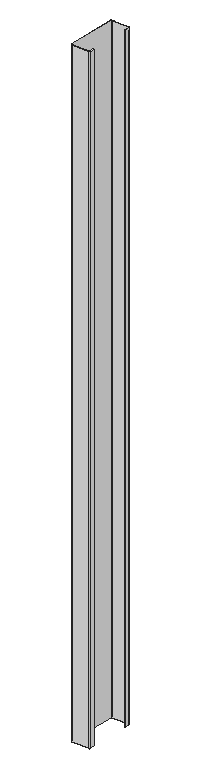
Revit family "Manômetro de luz - Guias da forração com aresta - Coluna", category Pilares estruturais, Revit 2019
Family settings
  Forma do corte = Não definido
  Material para o comportamento do modelo = Aço
  Exportar sempre como geometria = Não
  Redução da viga na planta = Da caixa de vinculação
  Corte com vazios quando carregada = Não
  Representação simbólica = Das configurações de projeto
  Compartilhado = Não
  Exibir o pré-corte da família na vista da planta = Sim
Parameters (values of type "U200x75x20x1.90")
  ey = 21.9 mm
  t = 1.9 mm
  r = R - t  # 1.9 mm
  W = 0.0056
  Structural Material [instance] = Aço leve galvaniado
  D = 200 mm
  Type Comments = ""
  R = 2 * t  # 3.8 mm
  d = 20 mm
  B = 75 mm
  Código de montagem = "B10"
  A = 713.00 mm²
Reference planes
  plane 1 "Centro (Frente/Trás)": y = 0
  plane 2: z = 0
  plane 3 "Centro (Esquerda/Direita)": x = 0
  plane 4: x = -21.9
  plane 5: y = -100
  plane 6: x = -20
  plane 7: y = -98.1
  plane 8: x = 53.1
  plane 9: y = 100
  plane 10: y = 98.1
  plane 11: y = 80
  plane 12: y = -80
  plane 13: x = 51.2
Forms (mm)
  Extrusion 1, solid, material "Aço leve galvaniado" <- "Structural Material", detail levels medium
    sketch origin (0, 0, 0) x (1, 0, 0) y (0, 1, 0)
      loop
        line (-21.9, 100) -> (-21.9, -100) -> (53.1, -100) -> (53.1, -80) -> (51.2, -80) -> (51.2, -98.1) -> (-20, -98.1) -> (-20, 98.1) -> (51.2, 98.1) -> (51.2, 80) -> (53.1, 80) -> (53.1, 100) -> (-21.9, 100)
    from 0 to 2500
  Extrusion 2, solid, material "Aço leve galvaniado" <- "Structural Material", detail levels fine
    sketch origin (0, 0, 0) x (1, 0, 0) y (0, 1, 0)
      loop
        arc (-18.1, 100) -> (-20.787, 98.887) -> (-21.9, 96.2) r 3.8
        line (-21.9, 96.2) -> (-21.9, -96.2)
        arc (-21.9, -96.2) -> (-20.787, -98.887) -> (-18.1, -100) r 3.8
        line (-18.1, -100) -> (49.3, -100)
        arc (49.3, -100) -> (51.987, -98.887) -> (53.1, -96.2) r 3.8
        line (53.1, -96.2) -> (53.1, -80) -> (51.2, -80) -> (51.2, -96.2)
        arc (51.2, -96.2) -> (50.644, -97.544) -> (49.3, -98.1) r 1.9
        line (49.3, -98.1) -> (-18.1, -98.1)
        arc (-18.1, -98.1) -> (-19.444, -97.544) -> (-20, -96.2) r 1.9
        line (-20, -96.2) -> (-20, 96.2)
        arc (-20, 96.2) -> (-19.444, 97.544) -> (-18.1, 98.1) r 1.9
        line (-18.1, 98.1) -> (49.3, 98.1)
        arc (49.3, 98.1) -> (50.644, 97.544) -> (51.2, 96.2) r 1.9
        line (51.2, 96.2) -> (51.2, 80) -> (53.1, 80) -> (53.1, 96.2)
        arc (53.1, 96.2) -> (51.987, 98.887) -> (49.3, 100) r 3.8
        line (49.3, 100) -> (-18.1, 100)
    from 0 to 2500
Lines and regions (mm)
  symbolic lines, style "Faces ocultas", detail levels medium+fine
    curve 1: line (-20, -14.287, 2500) -> (-20, -14.287, 0)
    curve 2: line (0, -98.1, 2500) -> (0, -98.1, 0)
    curve 8: line (0, 98.1, 2500) -> (0, 98.1, 0)
    curve 9: line (0, 80, 0) -> (0, 80, 2500)
    curve 10: line (0, -80, 2500) -> (0, -80, 0)
    curve 11: line (51.2, 0, 2500) -> (51.2, 0, 0)
  symbolic lines, style "StructuralColumnStickSymbols", detail levels coarse
    curve 3: line (-21.9, 100, 0) -> (-21.9, -100, 0)
    curve 4: line (-21.9, -100, 0) -> (53.1, -100, 0)
    curve 5: line (-21.9, 100, 0) -> (53.1, 100, 0)
    curve 6: line (53.1, -100, 0) -> (53.1, -80, 0)
    curve 7: line (53.1, 80, 0) -> (53.1, 100, 0)
Dimensions and locks
  "ey": plane 4 to plane 3 "Centro (Esquerda/Direita)"
  "t": plane 7 to plane 5
  equal spacing: plane 9, plane 1 "Centro (Frente/Trás)", plane 5
  "D": plane 9 to plane 5
  "B": plane 4 to plane 8
  "t": plane 9 to plane 10
  "t": plane 4 to plane 6
  "d": plane 12 to plane 5
  "d": plane 9 to plane 11
  "t": plane 13 to plane 8
  "r": radius of Extrusion 2 sketch curve  (x4)
  "R": radius of Extrusion 2 sketch curve  (x4)
  aligned and locked: level to plane 2
  aligned and locked: level to curve 1
  aligned and locked: plane 7 to curve 2
  aligned and locked: level to curve 2
  aligned and locked: plane 2 to curve 2
  aligned and locked: curve 1 to plane 6
  aligned and locked: plane 2 to curve 1
  aligned and locked: curve 4 to plane 5
  aligned and locked: curve 3 to plane 4
  aligned and locked: curve 5 to plane 9
  aligned and locked: plane 8 to curve 5
  aligned and locked: plane 8 to curve 7
  aligned and locked: plane 8 to curve 6
  aligned and locked: curve 7 to plane 11
  aligned and locked: curve 6 to plane 12
  aligned and locked: Extrusion 1 sketch curve to plane 9
  aligned and locked: Extrusion 1 sketch curve to plane 8  (x2)
  aligned and locked: Extrusion 1 sketch curve to plane 11
  aligned and locked: plane 13 to Extrusion 1 sketch curve
  aligned and locked: Extrusion 1 sketch curve to plane 10
  aligned and locked: Extrusion 1 sketch curve to plane 6
  aligned and locked: plane 4 to Extrusion 1 sketch curve
  aligned and locked: Extrusion 1 sketch curve to plane 7
  aligned and locked: plane 5 to Extrusion 1 sketch curve
  aligned and locked: Extrusion 1 sketch curve to plane 13
  aligned and locked: plane 12 to Extrusion 1 sketch curve
  aligned and locked: Extrusion 1 to plane 2
  aligned and locked: level to Extrusion 1
  aligned and locked: plane 2 to curve 8
  aligned and locked: plane 2 to curve 9
  aligned and locked: plane 2 to curve 10
  aligned and locked: plane 10 to curve 8
  aligned and locked: curve 9 to plane 11
  aligned and locked: plane 12 to curve 10
  aligned and locked: level to curve 8
  aligned and locked: level to curve 9
  aligned and locked: level to curve 10
  aligned and locked: Extrusion 2 sketch curve to plane 9
  aligned and locked: plane 4 to Extrusion 2 sketch curve
  aligned and locked: plane 5 to Extrusion 2 sketch curve
  aligned and locked: Extrusion 2 sketch curve to plane 8  (x2)
  aligned and locked: Extrusion 2 sketch curve to plane 11
  aligned and locked: plane 13 to Extrusion 2 sketch curve
  aligned and locked: Extrusion 2 sketch curve to plane 13
  aligned and locked: Extrusion 2 sketch curve to plane 7
  aligned and locked: Extrusion 2 sketch curve to plane 6
  aligned and locked: plane 10 to Extrusion 2 sketch curve
  aligned and locked: level to Extrusion 2
  aligned and locked: Extrusion 2 to plane 2
  aligned and locked: plane 2 to curve 11
  aligned and locked: plane 13 to curve 11
  aligned and locked: level to curve 11
Automatic sketch dimensions
  Extrusion 2 sketch curve to plane 12 = 0 mm
Types in the file's own list only (61): name | ey | t | r | W | D | R | d | B | A
  U50x25x10x1.52 | 9 mm | 2 mm | 2 mm | 0.00129 | 50 mm | 3 mm | 10 mm | 25 mm | 164.00 mm²
  U50x25x101.90 | 9 mm | 2 mm | 2 mm | 0.00157 | 50 mm | 4 mm | 10 mm | 25 mm | 200.00 mm²
  U50x25x102.28 | 9 mm | 2 mm | 2 mm | 0.00183 | 50 mm | 5 mm | 10 mm | 25 mm | 233.00 mm²
  U50x25x102.66 | 9 mm | 3 mm | 3 mm | 0.00207 | 50 mm | 5 mm | 10 mm | 25 mm | 264.00 mm²
  U50x25x103.04 | 9 mm | 3 mm | 3 mm | 0.0023 | 50 mm | 6 mm | 10 mm | 25 mm | 292.00 mm²
  U75x40x15x1.52 | 15 mm | 2 mm | 2 mm | 0.00207 | 75 mm | 3 mm | 15 mm | 40 mm | 263.00 mm²
  U75x40x15x1.90 | 15 mm | 2 mm | 2 mm | 0.00254 | 75 mm | 4 mm | 15 mm | 40 mm | 323.00 mm²
  U75x40x15x2.28 | 15 mm | 2 mm | 2 mm | 0.00299 | 75 mm | 5 mm | 15 mm | 40 mm | 381.00 mm²
  U75x40x15x2.66 | 15 mm | 3 mm | 3 mm | 0.00343 | 75 mm | 5 mm | 15 mm | 40 mm | 437.00 mm²
  U75x40x15x3.04 | 15 mm | 3 mm | 3 mm | 0.00385 | 75 mm | 6 mm | 15 mm | 40 mm | 490.00 mm²
  U100x50x17x1.52 | 18 mm | 2 mm | 2 mm | 0.00265 | 100 mm | 3 mm | 17 mm | 50 mm | 338.00 mm²
  U100x50x17x1.90 | 18 mm | 2 mm | 2 mm | 0.00327 | 100 mm | 4 mm | 17 mm | 50 mm | 416.00 mm²
  U100x50x17x2.28 | 18 mm | 2 mm | 2 mm | 0.00387 | 100 mm | 5 mm | 17 mm | 50 mm | 493.00 mm²
  U100x50x17x2.66 | 18 mm | 3 mm | 3 mm | 0.00445 | 100 mm | 5 mm | 17 mm | 50 mm | 567.00 mm²
  U100x50x17x3.04 | 18 mm | 3 mm | 3 mm | 0.00502 | 100 mm | 6 mm | 17 mm | 50 mm | 639.00 mm²
  U100x50x17x3.42 | 18 mm | 3 mm | 3 mm | 0.00556 | 100 mm | 7 mm | 17 mm | 50 mm | 709.00 mm²
  U100x55x20x3.00 | 27 mm | 3 mm | 3 mm | 0.00533 | 100 mm | 6 mm | 20 mm | 55 mm | 680.00 mm²
  U100x60x25x5.00 | 29 mm | 5 mm | 5 mm | 0.00906 | 100 mm | 10 mm | 25 mm | 60 mm | 1154.00 mm²
  U100x70x15x3.00 | 32 mm | 3 mm | 3 mm | 0.00581 | 100 mm | 6 mm | 15 mm | 70 mm | 740.00 mm²
  U127x50x17x1.52 | 16 mm | 2 mm | 2 mm | 0.00297 | 127 mm | 3 mm | 17 mm | 50 mm | 379.00 mm²
  U127x50x17x1.90 | 16 mm | 2 mm | 2 mm | 0.00367 | 127 mm | 4 mm | 17 mm | 50 mm | 468.00 mm²
  U127x50x17x2.28 | 16 mm | 2 mm | 2 mm | 0.00435 | 127 mm | 5 mm | 17 mm | 50 mm | 554.00 mm²
  U127x50x17x2.66 | 16 mm | 3 mm | 3 mm | 0.00501 | 127 mm | 5 mm | 17 mm | 50 mm | 639.00 mm²
  U127x50x17x3.04 | 16 mm | 3 mm | 3 mm | 0.00566 | 127 mm | 6 mm | 17 mm | 50 mm | 721.00 mm²
  U127x50x17x3.42 | 16 mm | 3 mm | 3 mm | 0.00629 | 127 mm | 7 mm | 17 mm | 50 mm | 801.00 mm²
  U150x40x10x2.00 | 14 mm | 2 mm | 2 mm | 0.00368 | 150 mm | 4 mm | 10 mm | 40 mm | 469.00 mm²
  U150x60x20x1.52 | 19 mm | 2 mm | 2 mm | 0.00356 | 150 mm | 3 mm | 20 mm | 60 mm | 453.00 mm²
  U150x60x20x1.90 | 19 mm | 2 mm | 2 mm | 0.0044 | 150 mm | 4 mm | 20 mm | 60 mm | 561.00 mm²
  U150x60x20x2.28 | 19 mm | 2 mm | 2 mm | 0.00523 | 150 mm | 5 mm | 20 mm | 60 mm | 666.00 mm²
  U150x60x20x2.66 | 19 mm | 3 mm | 3 mm | 0.00604 | 150 mm | 5 mm | 20 mm | 60 mm | 769.00 mm²
  U150x60x20x3.04 | 19 mm | 3 mm | 3 mm | 0.00683 | 150 mm | 6 mm | 20 mm | 60 mm | 870.00 mm²
  U150x60x20x3.42 | 19 mm | 3 mm | 3 mm | 0.0076 | 150 mm | 7 mm | 20 mm | 60 mm | 969.00 mm²
  U150x60x20x3.80 | 19 mm | 4 mm | 4 mm | 0.00836 | 150 mm | 8 mm | 20 mm | 60 mm | 1065.00 mm²
  U150x60x20x4.18 | 19 mm | 4 mm | 4 mm | 0.0091 | 150 mm | 8 mm | 20 mm | 60 mm | 1159.00 mm²
  U150x60x20x4.76 | 19 mm | 5 mm | 5 mm | 0.01019 | 150 mm | 10 mm | 20 mm | 60 mm | 1298.00 mm²
  U180x40x10x2.00 | 13 mm | 2 mm | 2 mm | 0.00415 | 180 mm | 4 mm | 10 mm | 40 mm | 529.00 mm²
  U180x40x15x3.00 | 14 mm | 3 mm | 3 mm | 0.00628 | 180 mm | 6 mm | 15 mm | 40 mm | 800.00 mm²
  U180x40x20x4.00 | 14 mm | 4 mm | 4 mm | 0.00844 | 180 mm | 8 mm | 20 mm | 40 mm | 1075.00 mm²
  U200x75x20x2.28 | 22 mm | 2 mm | 2 mm | 0.00666 | 200 mm | 5 mm | 20 mm | 75 mm | 848.00 mm²
  U200x75x25x2.66 | 23 mm | 3 mm | 3 mm | 0.00792 | 200 mm | 5 mm | 25 mm | 75 mm | 1008.00 mm²
  U200x75x25x3.04 | 23 mm | 3 mm | 3 mm | 0.00898 | 200 mm | 6 mm | 25 mm | 75 mm | 1144.00 mm²
  U200x75x25x3.42 | 23 mm | 3 mm | 3 mm | 0.01002 | 200 mm | 7 mm | 25 mm | 75 mm | 1276.00 mm²
  U200x75x25x3.80 | 23 mm | 4 mm | 4 mm | 0.01104 | 200 mm | 8 mm | 25 mm | 75 mm | 1407.00 mm²
  U200x75x25x4.18 | 23 mm | 4 mm | 4 mm | 0.01205 | 200 mm | 8 mm | 25 mm | 75 mm | 1535.00 mm²
  U200x75x25x4.76 | 23 mm | 5 mm | 5 mm | 0.01355 | 200 mm | 10 mm | 25 mm | 75 mm | 1726.00 mm²
  U250x85x25x1.90 | 24 mm | 2 mm | 2 mm | 0.00679 | 250 mm | 4 mm | 25 mm | 85 mm | 865.00 mm²
  U250x85x25x2.28 | 24 mm | 2 mm | 2 mm | 0.00809 | 250 mm | 5 mm | 25 mm | 85 mm | 1031.00 mm²
  U250x85x25x2.66 | 24 mm | 3 mm | 3 mm | 0.00938 | 250 mm | 5 mm | 25 mm | 85 mm | 1195.00 mm²
  U250x85x25x3.04 | 24 mm | 3 mm | 3 mm | 0.01065 | 250 mm | 6 mm | 25 mm | 85 mm | 1356.00 mm²
  U250x85x25x3.42 | 24 mm | 3 mm | 3 mm | 0.0119 | 250 mm | 7 mm | 25 mm | 85 mm | 1516.00 mm²
  U250x85x25x3.80 | 24 mm | 4 mm | 4 mm | 0.01313 | 250 mm | 8 mm | 25 mm | 85 mm | 1673.00 mm²
  U250x85x25x4.18 | 24 mm | 4 mm | 4 mm | 0.01435 | 250 mm | 8 mm | 25 mm | 85 mm | 1827.00 mm²
  U250x85x25x4.76 | 24 mm | 5 mm | 5 mm | 0.01617 | 250 mm | 10 mm | 25 mm | 85 mm | 2059.00 mm²
  U300x85x25x1.90 | 22 mm | 2 mm | 2 mm | 0.00753 | 300 mm | 4 mm | 25 mm | 85 mm | 960.00 mm²
  U300x85x25x2.28 | 22 mm | 2 mm | 2 mm | 0.00899 | 300 mm | 5 mm | 25 mm | 85 mm | 1145.00 mm²
  U300x85x25x2.66 | 22 mm | 3 mm | 3 mm | 0.01042 | 300 mm | 5 mm | 25 mm | 85 mm | 1328.00 mm²
  U300x85x25x3.04 | 22 mm | 3 mm | 3 mm | 0.01184 | 300 mm | 6 mm | 25 mm | 85 mm | 1508.00 mm²
  U300x85x25x3.42 | 22 mm | 3 mm | 3 mm | 0.01324 | 300 mm | 7 mm | 25 mm | 85 mm | 1687.00 mm²
  U300x85x25x3.80 | 22 mm | 4 mm | 4 mm | 0.01462 | 300 mm | 8 mm | 25 mm | 85 mm | 1863.00 mm²
  U300x85x25x4.18 | 22 mm | 4 mm | 4 mm | 0.01599 | 300 mm | 8 mm | 25 mm | 85 mm | 2036.00 mm²
  U300x85x25x4.76 | 22 mm | 5 mm | 5 mm | 0.01803 | 300 mm | 10 mm | 25 mm | 85 mm | 2297.00 mm²
